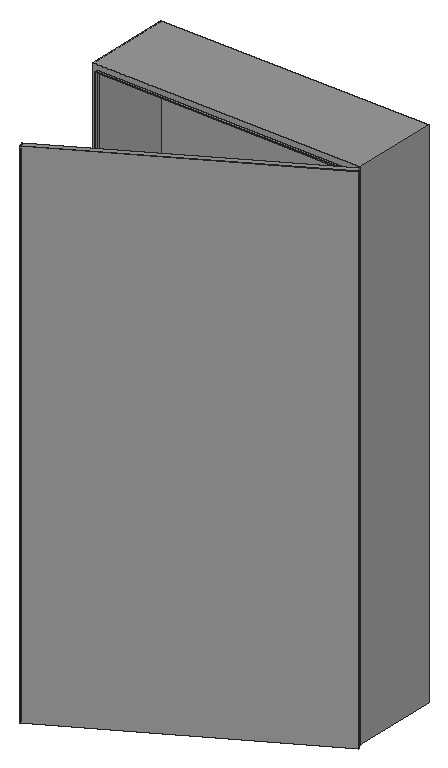
Revit family "Hager-Univers-IP55-D275-H1550-Cl.II-Steel_encl-NoHosted-CH-fr", category Electrical Equipment, Revit 2020
Family settings
  Panel Configuration = Two Columns, Circuits Across
  Round Connector Dimension = Use Diameter
  Part Type = Panelboard
  Work Plane-Based = Yes
  Always vertical = Yes
  Cut with Voids When Loaded = No
  Shared = No
  Room Calculation Point = No
Parameters (values of type "saillie IP55 L800 H1550 P275  - FR03S")
  Width Control [instance] = if([EF000008 - largeur] > Min Width, [EF000008 - largeur], Min Width)  # 800 mm
  Type Comments = [HG000003 - Gamme]  # "Univers"
  Thickness Door [instance] = if([EF009171 - épaisseur de matériau de la porte/du couvercle] > 3 mm, 3 mm, [EF009171 - épaisseur de matériau de la porte/du couvercle])  # 1.5 mm
  Seal Frame Offset [instance] = 17 mm  # constant formula
  Plinth Visibility [instance] = [HG000027 - Hauteur du socle] > 0 mm  # no
  Min Width [instance] = 100 mm  # constant formula
  Min Depth [instance] = (2 * [EF009170 - épaisseur de matériau du boîtier]) + 1 mm  # 4 mm
  Min Height [instance] = 100 mm  # constant formula
  Internal Frame Depth [instance] = (Door System Depth * 0.5)  # 9 mm
  Panel Name [instance] = ""  # (empty or 0)
  Model = ""
  HG000027 - Hauteur du socle = 0 mm
  HG000026 - Installation au sol = no
  HG000024 - Hauteur de la section basse = 600 mm
  HG000023 - Armoire double section = no
  HG000016 - Visibilité de la porte 3D [instance] = yes
  HG000015 - Visibilité de l'emprise de la porte [instance] = no
  HG000014 - Porte à droite [instance] = yes
  HG000013 - Porte à gauche [instance] = not([HG000014 - Porte à droite])  # no
  HG000012 - Angle de pivotement de la porte [instance] = 30.00°
  HG000010 - Portes asymétriques = no
  HG000009 - Porte à double battant = no
  HG000006 - Encastré = no
  HG000004 - Référence fabricant = "FR03S"
  HG000003 - Gamme = "Univers"
  HG000002 - avec porte = yes
  Frame Offset Bottom [instance] = 10 mm  # constant formula
  Frame Offset [instance] = 15 mm  # constant formula
  EF015940 - couvercle avec décharge de pression = no
  EF011959 - degré de protection (NEMA) = ""
  EF009554 - nombre d'ouvertures pour plaques à bride = 6
  EF009212 - finition du couvercle = "EV000116 - fermé"
  EF009171 - épaisseur de matériau de la porte/du couvercle = 1.5 mm
  EF009170 - épaisseur de matériau du boîtier = 1.5 mm
  EF008873 - courant nominal (In) = 800 A
  EF007800 - adapté à un parafoudre = no
  EF006306 - avec serrure = no
  EF006244 - couvercle/porte transparent(e) = no
  EF005474 - indice de protection (IP) = "EV006420 - IP55"
  EF004464 - type de porte = "EV002646 - unique"
  EF004427 - nombre de modules = 360
  EF004293 - indice de protection contre les chocs (IK) = "EV008784 - IK10"
  EF003532 - convient pour utilisation à l’extérieur = no
  EF002950 - largeur en nombre de modules = 24
  EF001613 - maintien de fonction = "EV000494 - sans"
  EF001596 - matériau du boîtier/corps = "EV000179 - acier"
  EF001131 - profondeur intérieure = 275 mm
  EF001088 - possibilité de montage en saillie = yes
  EF000437 - nombre d'entrées de conduit = 6
  EF000339 - type de capot = "EV004216 - porte"
  EF000266 - nombre de rangées = 10
  EF000218 - profondeur d'encastrement = 0 mm
  EF000118 - avec cadre/support de montage = no
  EF000116 - numéro RAL = "7035"
  EF000049 - profondeur = 275 mm
  EF000040 - hauteur = 1550 mm
  EF000008 - largeur = 800 mm
  EF000007 - couleur = "EV000270 - gris"
  EF000003 - mode de pose = "EV000384 - saillie"
  Door System Leaf Tolerance [instance] = 1.5 mm  # constant formula
  Door System Depth [instance] = 18 mm  # constant formula
  Door Height [instance] = Height Control - [HG000027 - Hauteur du socle]  # 1550 mm
  Description = ""
  Default Elevation = 1219.2 mm
  Connector Offset [instance] = Height Control / 2  # 775 mm
  Manufacturer = "Hager"  # constant formula
  Height Control [instance] = if([EF000040 - hauteur] > Min Height, [EF000040 - hauteur], Min Height)  # 1550 mm
  Depth Control [instance] = if([EF000049 - profondeur] > Min Depth, [EF000049 - profondeur], Min Depth)  # 275 mm
  Bottom Top Plate Trim [instance] = 1.5 mm  # constant formula
  Plinth height Ctrl [instance] = if([HG000027 - Hauteur du socle] > 0 mm, [HG000027 - Hauteur du socle], 12 mm)  # 12 mm
Types (5, lengths in mm): name | Width Control | HG000010 - Portes asymétriques | HG000009 - Porte à double battant | HG000004 - Référence fabricant | EF009554 - nombre d'ouvertures pour plaques à bride | EF004464 - type de porte | EF004427 - nombre de modules | EF000437 - nombre d'entrées de conduit | EF000008 - largeur
  saillie IP55 L1050 H1550 P275  - FR04S | 1050 | no | yes | "FR04S" | 8 | "EV003602 - double" | 480 | 8 | 1050
  saillie IP55 L1300 H1550 P275  - FR05S | 1300 | yes | yes | "FR05S" | 10 | "EV003602 - double" | 600 | 10 | 1300
  saillie IP55 L300 H1550 P275  - FR01S | 300 | no | no | "FR01S" | 2 | "EV002646 - unique" | 120 | 2 | 300
  saillie IP55 L550 H1550 P275  - FR02S | 550 | no | no | "FR02S" | 4 | "EV002646 - unique" | 240 | 4 | 550
  saillie IP55 L800 H1550 P275  - FR03S | 800 | no | no | "FR03S" | 6 | "EV002646 - unique" | 360 | 6 | 800
Reference planes
  plane 1 "Center (Front/Back)": y = 0
  plane 2: z = 0
  plane 3 "Center (Left/Right)": x = 0
  plane 4: y = 0
  plane 5: y = 0
  plane 6: z = 0
  plane 7: x = -400
  plane 8: x = 400
  plane 9: x = 398.5
  plane 10: x = -398.5
  plane 11: z = 0
  plane 12: z = 1.5
  plane 13: y = -275
  plane 14: y = -1.5
  plane 15: x = 0
  plane 16: y = -257
  plane 17: y = -273.5
  plane 18: y = -255.5
  plane 19: x = -383.5
  plane 20: x = 383.5
  plane 21: z = 11.5
  plane 22: x = -383
  plane 23: x = 383
  plane 24: z = 0
  plane 25: z = 1550
  plane 26: z = 1550
  plane 27: z = 1533.5
  plane 28: z = 1548.5
Forms (mm)
  Extrusion 1, solid, material "Hager_Steel_RAL7035_Light_Grey", detail levels medium+fine
    sketch origin (-208.679, -4572, 0) x (-1, 0, 0) y (0, -1, 0)
      loop
        line (191.321, -4315) -> (-608.679, -4315) -> (-608.679, -4572) -> (191.321, -4572) -> (191.321, -4315)
    from 0 to 1550
  Extrusion 2, void
    sketch origin (-350.771, -275, 1219.2) x (1, 0, 0) y (0, 0, 1)
      loop
        line (-47.729, 329.3) -> (-47.729, -1217.7) -> (749.271, -1217.7) -> (749.271, 329.3) -> (-47.729, 329.3)
    from -19.5 to -273.5
  Extrusion 3, void
    sketch origin (-290.084, -257, 1219.2) x (1, 0, 0) y (0, 0, 1)
      loop
        line (-93.416, -1207.7) -> (673.584, -1207.7) -> (673.584, 314.3) -> (-93.416, 314.3) -> (-93.416, -1207.7)
    from 0 to -1.5
  Extrusion 4, solid, material "Hager_Steel_RAL7035_Light_Grey", visible <- "Plinth Visibility", detail levels medium+fine
    sketch origin (0, 0, 0) x (1, 0, 0) y (0, 1, 0)
      loop
        line (-400, 0) -> (-400, -257) -> (400, -257) -> (400, 0) -> (-400, 0)
    from 0 to 12 <- "Plinth height Ctrl"
  Extrusion 5, solid, material "Hager_Steel_RAL7035_Light_Grey", detail levels coarse
    sketch origin (0, 0, 0) x (1, 0, 0) y (0, 1, 0)
      loop
        line (-400, 0) -> (-400, -275) -> (400, -275) -> (400, 0) -> (-400, 0)
    from 0 to 1550 <- "Height Control"
  Sweep 6, void
    path in 3D
      loop
        line (-400, -257, 12) -> (400, -257, 12) -> (400, 0, 12) -> (-400, 0, 12) -> (-400, -257, 12)
    profile origin (-400, -128.5, 12) x (1, 0, 0) y (0, 0, 1)
      loop
        line (0, 0) -> (0, -1.5) -> (1.5, -1.5)
        arc (1.5, -1.5) -> (1.061, -0.439) -> (0, 0) r 1.5
  Extrusion 7, solid, material "Hager_Steel_RAL7035_Light_Grey", detail levels fine
    sketch origin (-400, -257, 0) x (1, 0, 0) y (0, 0, 1)
      loop
        line (16.5, 11.5) -> (783.5, 11.5) -> (783.5, 1533.5) -> (16.5, 1533.5) -> (16.5, 11.5)
      loop
        line (15, 10) -> (785, 10) -> (785, 1535) -> (15, 1535) -> (15, 10)
    from 0 to 9 <- "Internal Frame Depth"
Cuts and joins
  Extrusion 2, Extrusion 3 cuts Extrusion 1
  Sweep 6 cuts Extrusion 4
Lines and regions (mm)
  Masking region 1
    outline origin (0, 0, 0) x (1, 0, 0) y (0, 1, 0)
      loop
        line (-400, 0) -> (-400, -275) -> (400, -275) -> (400, 0) -> (-400, 0)
  Masking region 2, detail levels coarse
    outline origin (-290.084, -257, 1219.2) x (-1, 0, 0) y (0, 0, 1)
      loop
        line (-690.084, -1219.2) -> (109.916, -1219.2) -> (109.916, 330.8) -> (-690.084, 330.8) -> (-690.084, -1219.2)
  Masking region 3, detail levels coarse
    outline origin (0, 0, 0) x (0, 1, 0) y (0, 0, 1)
      loop
        line (0, 0) -> (0, 1550) -> (-275, 1550) -> (-275, 0) -> (0, 0)
  Masking region 4, visible <- "Plinth Visibility", detail levels medium+fine
    outline origin (0, 0, 0) x (0, 1, 0) y (0, 0, 1)
      loop
        line (-1.5, 12) -> (-255.5, 12)
        arc (-255.5, 12) -> (-255.939, 10.939) -> (-257, 10.5) r 1.5
        line (-257, 10.5) -> (-257, 0) -> (0, 0) -> (0, 10.5)
        arc (0, 10.5) -> (-1.061, 10.939) -> (-1.5, 12) r 1.5
  Masking region 5, detail levels medium+fine
    outline origin (0, 0, 594.038) x (0, 1, 0) y (0, 0, 1)
      loop
        line (0, -594.038) -> (0, 955.962) -> (-257, 955.962) -> (-257, -594.038) -> (0, -594.038)
  Masking region 6, detail levels medium+fine
    outline origin (-359.7, -257, 1211.883) x (-1, 0, 0) y (0, 0, 1)
      loop
        line (-759.7, -1211.883) -> (40.3, -1211.883) -> (40.3, 338.117) -> (-759.7, 338.117) -> (-759.7, -1211.883)
  Masking region 7, visible <- "Plinth Visibility", detail levels medium+fine
    outline origin (-320.334, -257, 1041.368) x (-1, 0, 0) y (0, 0, 1)
      loop
        line (-720.334, -1041.368) -> (79.666, -1041.368) -> (79.666, -1030.868)
        arc (79.666, -1030.868) -> (78.606, -1030.429) -> (78.166, -1029.368) r 1.5
        line (78.166, -1029.368) -> (-718.834, -1029.368)
        arc (-718.834, -1029.368) -> (-719.273, -1030.429) -> (-720.334, -1030.868) r 1.5
        line (-720.334, -1030.868) -> (-720.334, -1041.368)
  sketch lines
    curve 1: line (-400, 0, 12) -> (-400, -257, 12)
    curve 2: line (-400, -257, 12) -> (400, -257, 12)
    curve 3: line (400, 0, 12) -> (-400, 0, 12)
    curve 4: line (400, -257, 12) -> (400, 0, 12)
Dimensions and locks
  locked: plane 1 "Center (Front/Back)" to plane 5
  "EF009170 - épaisseur de matériau du boîtier": plane 7 to plane 10
  "EF009170 - épaisseur de matériau du boîtier": plane 8 to plane 9
  equal spacing: plane 7, plane 3 "Center (Left/Right)", plane 8
  "Width Control": plane 7 to plane 8
  "Depth Control": plane 4 to plane 13
  "EF009170 - épaisseur de matériau du boîtier": plane 4 to plane 14
  "Height Control": plane 25 to level
  "HG000027 - Hauteur du socle": plane 11 to level
  "EF009170 - épaisseur de matériau du boîtier": plane 12 to plane 11
  "EF009170 - épaisseur de matériau du boîtier": plane 17 to plane 13
  "EF009170 - épaisseur de matériau du boîtier": plane 18 to plane 16
  "Frame Offset Bottom": plane 21 to plane 12
  "Frame Offset": plane 10 to plane 19
  "Frame Offset": plane 9 to plane 20
  "Door System Depth": plane 16 to plane 13
  "Seal Frame Offset": plane 7 to plane 22
  "Seal Frame Offset": plane 8 to plane 23
  "EF009170 - épaisseur de matériau du boîtier": plane 26 to plane 28
  "Frame Offset": plane 28 to plane 27
  "Connector Offset": plane 2 to connector elem
  "Bottom Top Plate Trim": profile plane to Sweep 6 sketch curve
  "Bottom Top Plate Trim": Sweep 6 sketch curve to Sweep 6 sketch curve
  "Plinth height Ctrl": Masking region 4 sketch curve to level
  "Plinth height Ctrl": Masking region 7 sketch curve to level
  "Thickness Door": Extrusion 7 sketch curve to Extrusion 7 sketch curve  (x4)
  "Bottom Top Plate Trim": radius of Sweep 6 sketch curve
  "Bottom Top Plate Trim": radius of Masking region 4 sketch curve  (x2)
  "Bottom Top Plate Trim": radius of Masking region 7 sketch curve  (x2)
  aligned and locked: Extrusion 2 sketch curve to plane 12
  aligned and locked: Extrusion 2 sketch curve to plane 9
  aligned and locked: Extrusion 2 sketch curve to plane 10
  aligned and locked: Extrusion 2 to plane 14
  aligned and locked: Extrusion 1 sketch curve to plane 4
  aligned and locked: plane 8 to Extrusion 1 sketch curve
  aligned and locked: plane 7 to Extrusion 1 sketch curve
  aligned and locked: Extrusion 2 to plane 18
  aligned and locked: Extrusion 3 sketch curve to plane 19
  aligned and locked: plane 20 to Extrusion 3 sketch curve
  aligned and locked: Extrusion 3 to Extrusion 2
  aligned and locked: Extrusion 3 sketch curve to plane 21
  aligned and locked: plane 3 "Center (Left/Right)" to nested 1
  aligned and locked: Extrusion 1 sketch curve to plane 16
  aligned and locked: Extrusion 4 sketch curve to cut or joined group of Extrusion 1, Extrusion 2, Extrusion 3
  aligned and locked: Masking region 1 sketch curve to plane 7
  aligned and locked: Masking region 1 sketch curve to plane 5
  aligned and locked: Masking region 1 sketch curve to plane 8
  aligned and locked: Masking region 2 sketch curve to level
  aligned and locked: level to Masking region 3 sketch curve
  aligned and locked: plane 1 "Center (Front/Back)" to Masking region 3 sketch curve
  aligned and locked: plane 13 to Masking region 3 sketch curve
  aligned and locked: plane 5 to Masking region 4 sketch curve
  aligned and locked: Masking region 2 sketch curve to plane 8
  aligned and locked: Masking region 2 sketch curve to plane 7
  aligned and locked: plane 7 to nested 2
  aligned and locked: nested 2 to plane 5
  aligned and locked: plane 5 to Masking region 5 sketch curve
  aligned and locked: plane 26 to Masking region 5 sketch curve
  aligned and locked: Extrusion 5 sketch curve to plane 8
  aligned and locked: Extrusion 5 sketch curve to plane 7
  aligned and locked: Extrusion 5 sketch curve to plane 5
  aligned and locked: Extrusion 3 sketch curve to plane 27
  aligned and locked: Extrusion 2 sketch curve to plane 28
  aligned and locked: Masking region 2 to plane 25
  aligned and locked: Extrusion 4 to plane 16
  aligned and locked: profile plane to Sweep 6 sketch curve
  aligned and locked: Masking region 5 sketch curve to plane 24
  aligned and locked: level to Masking region 4 sketch curve
  aligned and locked: Masking region 1 to plane 13
  aligned and locked: nested 1 to plane 16
  aligned and locked: Masking region 3 to plane 25
  aligned and locked: plane 16 to Masking region 4 sketch curve
  aligned and locked: Masking region 5 sketch curve to plane 16
  aligned and locked: plane 24 to plane 11
  aligned and locked: plane 26 to plane 25
  aligned and locked: plane 26 to cut or joined group of Extrusion 1, Extrusion 2, Extrusion 3
  aligned and locked: nested 1 to plane 24
  aligned and locked: Extrusion 1 to Extrusion 3
  aligned and locked: Masking region 6 sketch curve to plane 8
  aligned and locked: Masking region 6 sketch curve to plane 24
  aligned and locked: Masking region 6 sketch curve to plane 7
  aligned and locked: Masking region 6 sketch curve to plane 26
  aligned and locked: Masking region 7 sketch curve to plane 7
  aligned and locked: level to Masking region 7 sketch curve
  aligned and locked: Masking region 7 sketch curve to plane 8
  aligned and locked: Extrusion 7 sketch curve to cut or joined group of Extrusion 1, Extrusion 2, Extrusion 3  (x4)
Automatic sketch dimensions
  plane 19 to Extrusion 3 sketch curve = 0 mm
  Extrusion 3 sketch curve to plane 20 = 0 mm
  Extrusion 3 sketch curve to plane 21 = 0 mm
  Extrusion 4 sketch curve to plane 7 = 0 mm
  Extrusion 4 sketch curve to plane 8 = 0 mm
  Extrusion 4 sketch curve to plane 16 = 0 mm
  Masking region 1 sketch curve to plane 13 = 0 mm
  Masking region 2 sketch curve to plane 25 = 0 mm
  Masking region 3 sketch curve to plane 25 = 0 mm
  Extrusion 5 sketch curve to plane 13 = 0 mm
  profile plane to Sweep 6 sketch curve = 0 mm
Nested families
  nested 1: "EC000058_Univers_Door" at (0, -257, 0), Double <- "HG000009 - Porte à double battant", Transparent <- "EF006244 - couvercle/porte transparent(e)", Angle <- "HG000012 - Angle de pivotement de la porte", Door_Right <- "HG000014 - Porte à droite", Assymetrical <- "HG000010 - Portes asymétriques", Door <- "HG000002 - avec porte", Width_Ctrl <- "Width Control", 3d_Door <- "HG000016 - Visibilité de la porte 3D", Clearance <- "HG000015 - Visibilité de l'emprise de la porte", Door_Left <- "HG000013 - Porte à gauche", Width <- "Width Control", Door_Depth <- "Door System Depth", Leaf_Tolerance <- "Door System Leaf Tolerance", Height <- "Door Height", Lock_Visibility <- "EF006306 - avec serrure", Thickness <- "Thickness Door", type "EC000058_Univers_Door", detail levels medium+fine
    with min_wh 4 mm, Width_Ctrl 800 mm, Width 800 mm, Transparent no, Thickness 1.5 mm, Seal_Material Hager_Rubber, Lock_Visibility no, Lock_Material Hager_Plastic_RAL9005_Jet_Black, Leaf_Width 800 mm, Leaf_Tolerance_External_Sides 0 mm, Leaf_Tolerance 1.5 mm, Leaf_Offset 0 mm, Leaf_Height 1547 mm, Leaf_2_Width 800 mm, Leaf_2_Offset 400 mm, Leaf_1_Width 800 mm, Leaf_1_Offset 400 mm, Height_Ctrl 1550 mm, Height 1550 mm, Glass_Material Hager_Glass, Double_Clearance_Ctrl no, Double no, Door_Right_Ctrl yes, Door_Right yes, Door_Material Hager_Steel_RAL7035_Light_Grey, Door_Left_Ctrl no, Door_Left no, Door_Depth 18 mm, Door yes, Clearance_Material Hager_Clearance, Clearance_Depth 800 mm, Clearance_Ctrl no, Clearance no, Assymetrical no, Angle 30.00°, 3d_Door yes
  nested 2: "Hager_Enclosure_Symbol" at (-400, 0, 0), Height <- "Depth Control", Width <- "Width Control", type "Hager_Enclosure_Symbol"
    with Width_Ctrl 800 mm, Width 800 mm, Height_Ctrl 275 mm, Height 275 mm, A_Width_Int 18.047 mm, A_Width 216.562 mm, A_Height_Ctrl 240.625 mm, A_Height 240.625 mm
Connectors
  electrical at (0, 0, 775)
    settings: on plane 1 "Center (Front/Back)", index 1, voltage 0 V, apparent load 0 VA, apparent load phase1 0 VA, apparent load phase2 0 VA, apparent load phase3 0 VA, power factor 1, load classification "Other", number of poles 1, system type 30, power factor state 1, is connector primary yes, connector utility no, sub classification motor no, connector description ""
Definition of nested family "EC000058_Univers_Door"
  Parameters (values of type "EC000058_Univers_Door")
    min_wh [instance] = (2 * Thickness) + 1 mm  # 11 mm
    Width_Ctrl [instance] = 400 mm
    Width [instance] = 500 mm
    Transparent [instance] = yes
    Thickness [instance] = 5 mm
    Seal_Material [instance] = none
    Lock_Visibility [instance] = yes
    Lock_Material [instance] = none
    Leaf_Width [instance] = if((Width_Ctrl - 2 * Leaf_Tolerance_External_Sides) > 0 mm, (Width_Ctrl - 2 * Leaf_Tolerance_External_Sides), min_wh)  # 400 mm
    Leaf_Tolerance_External_Sides [instance] = 0 mm  # constant formula
    Leaf_Tolerance [instance] = 1.5 mm
    Leaf_Offset [instance] = 0 mm  # constant formula
    Leaf_Height [instance] = if((Height_Ctrl - 2 * Leaf_Tolerance) > 0 mm, (Height_Ctrl - 2 * Leaf_Tolerance), min_wh)  # 497 mm
    Leaf_2_Width [instance] = if(and(and(Double, Assymetrical), Door_Left), (Leaf_Width / 3) - (Leaf_Tolerance / 2), if(and(and(Double, Assymetrical), Door_Right), (Leaf_Width / 3) * 2 - (Leaf_Tolerance / 2), if(and(Double, not(Assymetrical)), (Leaf_Width / 2) - Leaf_Tolerance, Leaf_Width)))  # 400 mm
    Leaf_2_Offset [instance] = if(and(Double, Assymetrical), Leaf_2_Width / 2, if(and(Double, not(Assymetrical)), Leaf_Width / 4, Leaf_Width / 2))  # 200 mm
    Leaf_1_Width [instance] = if(and(and(Double, Assymetrical), Door_Right), (Leaf_Width / 3) - (Leaf_Tolerance / 2), if(and(and(Double, Assymetrical), Door_Left), (Width / 3) * 2 - (Leaf_Tolerance / 2), if(and(Double, not(Assymetrical)), (Leaf_Width / 2) - Leaf_Tolerance, Leaf_Width)))  # 400 mm
    Leaf_1_Offset [instance] = if(and(Double, Assymetrical), Leaf_1_Width / 2, if(and(Double, not(Assymetrical)), Leaf_Width / 4, Leaf_Width / 2))  # 200 mm
    Height_Ctrl [instance] = if(Height > min_wh, Height, min_wh)  # 500 mm
    Height [instance] = 500 mm
    Glass_Material [instance] = none
    Double_Clearance_Ctrl [instance] = and(Double, Clearance)  # no
    Double [instance] = no
    Door_Right_Ctrl [instance] = and(or(Door_Right, Double), Door)  # yes
    Door_Right [instance] = yes
    Door_Material [instance] = none
    Door_Left_Ctrl [instance] = and(or(Door_Left, Double), Door)  # no
    Door_Left [instance] = no
    Door_Depth [instance] = 30 mm
    Door [instance] = yes
    Default Elevation = 1219.2 mm
    Clearance_Material [instance] = none
    Clearance_Depth [instance] = if(Leaf_1_Width > Leaf_2_Width, Leaf_1_Width, Leaf_2_Width)  # 400 mm
    Clearance_Ctrl [instance] = and(not(Double), Clearance)  # yes
    Clearance [instance] = yes
    Assymetrical [instance] = yes
    Angle [instance] = 30.00°
    3d_Door [instance] = yes
  Reference planes
    plane 1 "Center (Front/Back)": y = 0
    plane 2 "Bottom": z = 0
    plane 3 "Center (Left/Right)": x = 0
    plane 4: z = 500
    plane 5: x = -200
    plane 6: x = 200
    plane 7: z = 500
    plane 8: x = -200
    plane 9: z = 0
    plane 10: x = 200
    plane 11: y = 0
    plane 12: z = 1.5
    plane 13: x = -600
    plane 14: y = -400
    plane 15: x = 600
    plane 16: x = 0
    plane 17: x = 0
    plane 18: x = -200
    plane 19: x = 200
    plane 20: z = 498.5
  Forms (mm)
    Extrusion 1, solid, material <- "Clearance_Material", visible <- "Double_Clearance_Ctrl"
      sketch origin (1200, 0, 0) x (1, 0, 0) y (0, 0, -1)
        loop
          line (-1800, -498.5) -> (-600, -498.5) -> (-600, 0) -> (-1800, 0) -> (-1800, -498.5)
      from 0 to -400
  Dimensions and locks
    equal spacing: plane 5, plane 3 "Center (Left/Right)", plane 6
    "Width_Ctrl": plane 5 to plane 6
    "Leaf_Offset": plane 5 to plane 8
    "Leaf_Offset": plane 6 to plane 10
    "Leaf_Offset": plane 9 to level
    "Leaf_Offset": plane 4 to plane 7
    "Height_Ctrl": plane 4 to level
    "Leaf_Tolerance": plane 12 to plane 9
    locked: plane 11 to plane 1 "Center (Front/Back)"
    "Leaf_1_Offset": plane 18 to plane 16
    "Leaf_2_Offset": plane 17 to plane 19
    "Leaf_1_Width": plane 13 to plane 8
    "Leaf_2_Width": plane 10 to plane 15
    "Clearance_Depth": plane 14 to plane 1 "Center (Front/Back)"
    "Leaf_Tolerance_External_Sides": plane 8 to plane 18
    "Leaf_Tolerance_External_Sides": plane 19 to plane 10
    "Leaf_Tolerance": plane 7 to plane 20
    aligned and locked: level to plane 2 "Bottom"
    aligned and locked: nested 1 to plane 16
    aligned and locked: nested 2 to plane 17
    aligned and locked: Extrusion 1 to plane 13
    aligned and locked: plane 15 to Extrusion 1
    aligned and locked: Extrusion 1 to plane 14
    aligned and locked: plane 12 to nested 1
    aligned and locked: nested 2 to plane 12
    aligned and locked: Extrusion 1 to plane 11
    aligned and locked: plane 20 to Extrusion 1
    aligned and locked: nested 2 to plane 11
    aligned and locked: nested 1 to plane 11
  Automatic sketch dimensions
    Extrusion 1 sketch curve to level = 0 mm
    plane 5 to Extrusion 1 sketch curve = 400 mm
    plane 6 to Extrusion 1 sketch curve = 400 mm
    Extrusion 1 sketch curve to plane 4 = 1.5 mm
  Nested families
    nested 1: "EC000058_Univers_Door_Leaf" at (0, 0, 1.5), Width <- "Leaf_1_Width", visible <- "Door_Left_Ctrl", Leaf_Height <- "Leaf_Height", Angle <- "Angle", 3d_Door <- "3d_Door", Transparent <- "Transparent", Clearance Material <- "Clearance_Material", Clearance <- "Clearance_Ctrl", Door_Material <- "Door_Material", Glass_Material <- "Glass_Material", Door_Depth <- "Door_Depth", Lock_Material <- "Lock_Material", Seal_Material <- "Seal_Material", Lock_Visibility <- "Lock_Visibility", Thickness <- "Thickness", type "EC000058_Univers_Door_Leaf"
      with Width 400 mm, Transparent_Glass_Offset 30 mm, Transparent_Ctrl yes, Transparent yes, Thickness 5 mm, Standard no, Seal_Material none, Seal_D2 8 mm, Seal_D1 1 mm, Offset_Internal_Frame 10 mm, Lock_Width 20 mm, Lock_Visibility_3d yes, Lock_Visibility yes, Lock_Thickness_3 3 mm, Lock_Thickness_2 1 mm, Lock_Thickness_1 3 mm, Lock_Radius_Offset_2 16 mm, Lock_Radius_Offset_1 15 mm, Lock_Radius_2 5 mm, Lock_Radius 6 mm, Lock_Offset 5 mm, Lock_Material none, Lock_Height 80 mm, Lock_Cover_Top_Offset_2d 17 mm, Lock_Cover_Height -65 mm, Leaf_Height 497 mm, Internal_Seal_Thickness 8 mm, Internal_Seal_Depth_2 4.5 mm, Internal_Frame_Depth 25 mm, Glass_Thickness -1 mm, Glass_Offset -2 mm, Glass_Material none, Door_Material none, Door_Depth 30 mm, Clearance Material none, Clearance yes, Angle_Ctrl 30.00°, Angle 30.00°, 3d_Door yes
    nested 2: "EC000058_Univers_Door_Leaf" at (0, 0, 1.5) x (-1, 0, 0) z (0, 0, 1), Width <- "Leaf_2_Width", visible <- "Door_Right_Ctrl", Leaf_Height <- "Leaf_Height", Angle <- "Angle", 3d_Door <- "3d_Door", Transparent <- "Transparent", Clearance Material <- "Clearance_Material", Clearance <- "Clearance_Ctrl", Door_Material <- "Door_Material", Glass_Material <- "Glass_Material", Door_Depth <- "Door_Depth", Lock_Material <- "Lock_Material", Seal_Material <- "Seal_Material", Lock_Visibility <- "Lock_Visibility", Thickness <- "Thickness", type "EC000058_Univers_Door_Leaf"
      with Width 400 mm, Transparent_Glass_Offset 30 mm, Transparent_Ctrl yes, Transparent yes, Thickness 5 mm, Standard no, Seal_Material none, Seal_D2 8 mm, Seal_D1 1 mm, Offset_Internal_Frame 10 mm, Lock_Width 20 mm, Lock_Visibility_3d yes, Lock_Visibility yes, Lock_Thickness_3 3 mm, Lock_Thickness_2 1 mm, Lock_Thickness_1 3 mm, Lock_Radius_Offset_2 16 mm, Lock_Radius_Offset_1 15 mm, Lock_Radius_2 5 mm, Lock_Radius 6 mm, Lock_Offset 5 mm, Lock_Material none, Lock_Height 80 mm, Lock_Cover_Top_Offset_2d 17 mm, Lock_Cover_Height -65 mm, Leaf_Height 497 mm, Internal_Seal_Thickness 8 mm, Internal_Seal_Depth_2 4.5 mm, Internal_Frame_Depth 25 mm, Glass_Thickness -1 mm, Glass_Offset -2 mm, Glass_Material none, Door_Material none, Door_Depth 30 mm, Clearance Material none, Clearance yes, Angle_Ctrl 30.00°, Angle 30.00°, 3d_Door yes
  Definition of nested family "EC000058_Univers_Door_Leaf"
    Parameters (values of type "EC000058_Univers_Door_Leaf")
      Width [instance] = 2000 mm
      Transparent_Glass_Offset [instance] = 30 mm
      Transparent_Ctrl [instance] = and(Transparent, [3d_Door])  # yes
      Transparent [instance] = yes
      Thickness [instance] = 5 mm
      Standard [instance] = and(not(Transparent), [3d_Door])  # no
      Seal_Material [instance] = none
      Seal_D2 [instance] = 8 mm  # constant formula
      Seal_D1 [instance] = 1 mm  # constant formula
      Offset_Internal_Frame [instance] = 10 mm  # constant formula
      Lock_Width [instance] = 20 mm  # constant formula
      Lock_Visibility_3d [instance] = and(Lock_Visibility, [3d_Door])  # yes
      Lock_Visibility [instance] = yes
      Lock_Thickness_3 [instance] = 3 mm  # constant formula
      Lock_Thickness_2 [instance] = 1 mm  # constant formula
      Lock_Thickness_1 [instance] = 3 mm  # constant formula
      Lock_Radius_Offset_2 [instance] = Lock_Radius_Offset_1 + 1 mm  # 16 mm
      Lock_Radius_Offset_1 [instance] = 15 mm  # constant formula
      Lock_Radius_2 [instance] = Lock_Radius - 1 mm  # 5 mm
      Lock_Radius [instance] = 6 mm  # constant formula
      Lock_Offset [instance] = 5 mm  # constant formula
      Lock_Material [instance] = none
      Lock_Height [instance] = 80 mm  # constant formula
      Lock_Cover_Top_Offset_2d [instance] = Lock_Radius_Offset_2 + 1 mm  # 17 mm
      Lock_Cover_Height [instance] = -(Lock_Height - Lock_Radius_Offset_1)  # -65 mm
      Leaf_Height [instance] = 2720.336 mm
      Internal_Seal_Thickness [instance] = 8 mm  # constant formula
      Internal_Seal_Depth_2 [instance] = 4.5 mm  # constant formula
      Internal_Frame_Depth [instance] = if(Door_Depth - Thickness > 5 mm, Door_Depth - Thickness, 5 mm)  # 25 mm
      Glass_Thickness [instance] = if(Thickness > 15 mm, Glass_Offset + 10 mm, -1 mm)  # -1 mm
      Glass_Offset [instance] = if(Thickness > 15 mm, -(Thickness + 10 mm) / 2, -2 mm)  # -2 mm
      Glass_Material [instance] = none
      Door_Material [instance] = none
      Door_Depth [instance] = 30 mm
      Default Elevation = 0 mm
      Clearance Material [instance] = none
      Clearance [instance] = yes
      Angle_Ctrl [instance] = if(Angle > 180.00°, 180.00°, Angle)  # 90.00°
      Angle [instance] = 90.00°
      3d_Door [instance] = yes
    Reference planes
      plane 1 "Center (Front/Back)": y = 0
      plane 2: z = 0
      plane 3 "Center (Left/Right)": x = 0
      plane 4: y = 2000
      plane 5: x = -1000
      plane 6: x = 1000
      plane 7: x = -3000
      plane 8: z = 2720.336
      plane 9: z = 30
      plane 10: z = 2690.336
      plane 11: x = 970
      plane 12: x = -970
      plane 13: y = -3
      plane 14: z = 107.833
      plane 15: y = -5
      plane 16: y = -223.314
      plane 17: x = -1000
      plane 18: z = 1360.168
      plane 19: y = 30
    Forms (mm)
      Extrusion 1, solid, material <- "Clearance Material", visible <- "Clearance"
        sketch origin (0, 0, 0) x (1, 0, 0) y (0, 0, 1)
          loop
            line (-3000, 2720.336) -> (-3000, 0) -> (1000, 0) -> (1000, 2720.336) -> (-3000, 2720.336)
        from 0 to -2000
      Extrusion 2, solid, material <- "Door_Material", visible <- "Standard", detail levels medium+fine
        sketch origin (-1000, 0, 0) x (0, 1, 0) y (-1, 0, 0)
          loop
            line (0, 30) -> (0, 25) -> (2000, 25) -> (2000, 30) -> (0, 30)
        from 0 to 2720.336 <- "Leaf_Height"
      Extrusion 3, solid, material <- "Door_Material", visible <- "Transparent_Ctrl", detail levels medium+fine
        sketch origin (-1000, 0, 0) x (0, 1, 0) y (-1, 0, 0)
          loop
            line (0, 25) -> (2000, 25) -> (2000, 30) -> (0, 30) -> (0, 25)
        from 0 to 2720.336 <- "Leaf_Height"
      Extrusion 4, void
        sketch origin (-1025, 2000, 0) x (0, 1, 0) y (0, 0, -1)
          loop
            line (-30, -2690.336) -> (-30, -30) -> (-1970, -30) -> (-1970, -2690.336) -> (-30, -2690.336)
        from 0 to 5 <- "Thickness"
      Sweep 5, solid, material <- "Seal_Material", visible <- "Transparent_Ctrl", detail levels fine
        path in 3D
          loop
            line (-1025, 30, 30) -> (-1025, 30, 2690.336) -> (-1025, 1970, 2690.336) -> (-1025, 1970, 30) -> (-1025, 30, 30)
        profile origin (-1025, 1000, 30) x (1, 0, 0) y (0, 0, 1)
          loop
            line (0, 0) -> (0, -8) -> (1, -8) -> (1, 0) -> (0, 0)
      Extrusion 6, solid, material <- "Glass_Material", visible <- "Transparent_Ctrl", detail levels medium+fine
        sketch origin (-1030, 0, 0) x (0, 1, 0) y (0, 0, -1)
          loop
            line (1970, -2690.336) -> (1970, -30) -> (30, -30) -> (30, -2690.336) -> (1970, -2690.336)
        from -2 <- "Glass_Offset" to -1 <- "Glass_Thickness"
      Extrusion 7, solid, material <- "Door_Material", visible <- "3d_Door", detail levels medium+fine
        sketch origin (-1025, 2000, 0) x (0, -1, 0) y (0, 0, -1)
          loop
            line (0, -2720.336) -> (2000, -2720.336) -> (2000, 0) -> (0, 0) -> (0, -2720.336)
          loop
            line (1995, -5) -> (5, -5) -> (5, -2715.336) -> (1995, -2715.336) -> (1995, -5)
        from 0 to 25 <- "Internal_Frame_Depth"
      Sweep 8, solid, material <- "Seal_Material", visible <- "Transparent_Ctrl", detail levels fine
        path in 3D
          loop
            line (-1025, 0, 0) -> (-1025, 2000, 0) -> (-1025, 2000, 2720.336) -> (-1025, 0, 2720.336) -> (-1025, 0, 0)
        profile origin (-1025, 0, 1360.168) x (1, 0, 0) y (0, 1, 0)
          loop
            line (0, 10) -> (2.975, 10)
            arc (2.975, 10) -> (4.053, 10.447) -> (4.5, 11.525) r 1.525
            line (4.5, 11.525) -> (4.5, 16.527)
            arc (4.5, 16.527) -> (4.069, 17.569) -> (3.027, 18) r 1.473
            line (3.027, 18) -> (0, 18) -> (0, 10)
      Extrusion 9, solid, material <- "Lock_Material", visible <- "Lock_Visibility_3d", detail levels fine
        sketch origin (-1030, 0, 0) x (0, 1, 0) y (0, 0, -1)
          loop
            arc (1993.5, -1400.168) -> (1994.561, -1399.729) -> (1995, -1398.668) r 1.5
            line (1995, -1398.668) -> (1995, -1320.168) -> (1975, -1320.168) -> (1975, -1398.668)
            arc (1975, -1398.668) -> (1975.439, -1399.729) -> (1976.5, -1400.168) r 1.5
            line (1976.5, -1400.168) -> (1993.5, -1400.168)
        from 3 <- "Lock_Thickness_1" to 0
      Blend 10, solid, material <- "Lock_Material", visible <- "Lock_Visibility_3d", detail levels fine
        base sketch origin (-1033, 0, 0) x (0, 1, 0) y (0, 0, -1)
          loop
            line (1975, -1320.168) -> (1975, -1398.668)
            arc (1975, -1398.668) -> (1975.439, -1399.729) -> (1976.5, -1400.168) r 1.5
            line (1976.5, -1400.168) -> (1993.5, -1400.168)
            arc (1993.5, -1400.168) -> (1994.561, -1399.729) -> (1995, -1398.668) r 1.5
            line (1995, -1398.668) -> (1995, -1320.168) -> (1975, -1320.168)
        top sketch origin (-1033, 0, 0) x (0, 1, 0) y (0, 0, -1)
          loop
            line (1976, -1320.168) -> (1976, -1398.668)
            arc (1976, -1398.668) -> (1976.146, -1399.022) -> (1976.5, -1399.168) r 0.5
            line (1976.5, -1399.168) -> (1993.5, -1399.168)
            arc (1993.5, -1399.168) -> (1993.854, -1399.022) -> (1994, -1398.668) r 0.5
            line (1994, -1398.668) -> (1994, -1320.168) -> (1976, -1320.168)
        from 0 to 1 <- "Lock_Thickness_2"
      Blend 11, solid, material <- "Lock_Material", visible <- "Lock_Visibility_3d", detail levels fine
        base sketch origin (-1034, 0, 0) x (0, 1, 0) y (0, 0, -1)
          loop
            line (1978, -1320.168) -> (1978, -1384.168)
            arc (1978, -1384.168) -> (1985, -1391.168) -> (1992, -1384.168) r 7
            line (1992, -1384.168) -> (1992, -1320.168) -> (1978, -1320.168)
        top sketch origin (-1034, 0, 0) x (0, 1, 0) y (0, 0, -1)
          loop
            line (1991, -1320.168) -> (1979, -1320.168) -> (1979, -1383.168)
            arc (1979, -1383.168) -> (1985, -1389.168) -> (1991, -1383.168) r 6
            line (1991, -1383.168) -> (1991, -1320.168)
        from 0 to 3 <- "Lock_Thickness_3"
      Extrusion 12, solid, material <- "Lock_Material", visible <- "Lock_Visibility_3d", detail levels fine
        sketch origin (-1030, 1975, 1320.168) x (1, 0, 0) y (0, -1, 0)
          loop
            line (-7, -19) -> (-7, -1) -> (0, -1) -> (0, 0) -> (-8, 0) -> (-8, -20) -> (0, -20) -> (0, -19) -> (-7, -19)
        from 0 to -65 <- "Lock_Cover_Height"
      Extrusion 13, void
        sketch origin (-1038, 1995, 1320.168) x (-1, 0, 0) y (0, 0, -1)
          loop
            line (-5, -65) -> (0, -65) -> (-5, -60) -> (-5, -65)
        from 0 to 20 <- "Lock_Width"
      Extrusion 14, void
        sketch origin (-1038, 1975, 1320.168) x (0, -1, 0) y (0, 0, -1)
          loop
            circle (-10, -15.995) r 6
          loop
            circle (-10, -15.995) r 5
        from 0 to 2
      Extrusion 15, solid, material <- "Lock_Material", visible <- "Lock_Visibility_3d", detail levels medium
        sketch origin (-1030, 0, 0) x (0, 1, 0) y (0, 0, -1)
          loop
            arc (1993.5, -1400.168) -> (1994.561, -1399.729) -> (1995, -1398.668) r 1.5
            line (1995, -1398.668) -> (1995, -1320.168) -> (1975, -1320.168) -> (1975, -1398.668)
            arc (1975, -1398.668) -> (1975.439, -1399.729) -> (1976.5, -1400.168) r 1.5
            line (1976.5, -1400.168) -> (1993.5, -1400.168)
        from 8 to 0
    Cuts and joins
      Extrusion 4 cuts Extrusion 3
      Extrusion 13, Extrusion 14 cuts Extrusion 9
      Extrusion 14 cuts Blend 11
      Extrusion 13, Extrusion 14 cuts Extrusion 12
      joined: Extrusion 9, Blend 10, Blend 11, Extrusion 12
      Extrusion 14 cuts Extrusion 15
    Lines and regions (mm)
      Masking region 1, visible <- "Lock_Visibility", detail levels fine
        outline origin (0, 0, 0) x (0, 1, 0) y (0, 0, 1)
          loop
            line (30, 1320.168) -> (33, 1320.168) -> (33, 1400.168) -> (30, 1400.168) -> (30, 1320.168)
      Masking region 2, visible <- "Lock_Visibility", detail levels fine
        outline origin (0, 3.143, 0) x (0, 1, 0) y (0, 0, 1)
          loop
            line (29.857, 1354.168) -> (30.857, 1354.168) -> (30.857, 1366.168) -> (29.857, 1366.168) -> (29.857, 1354.168)
      Masking region 3, detail levels medium+fine
        outline origin (0, 0, 0) x (0, 1, 0) y (0, 0, 1)
          loop
            line (0, 0) -> (30, 0) -> (30, 2720.336) -> (0, 2720.336) -> (0, 0)
      Masking region 4, detail levels medium+fine
        outline origin (0, 0, 0) x (1, 0, 0) y (0, 0, 1)
          loop
            line (-1000, 2720.336) -> (-1000, 0) -> (1000, 0) -> (1000, 2720.336) -> (-1000, 2720.336)
      Masking region 5, visible <- "Lock_Visibility", detail levels fine
        outline origin (-47.116, 0, 0) x (1, 0, 0) y (0, 0, 1)
          loop
            arc (1024.616, 1399.168) -> (1023.556, 1398.729) -> (1023.116, 1397.668) r 1.5
            line (1023.116, 1397.668) -> (1023.116, 1320.168) -> (1041.116, 1320.168) -> (1041.116, 1397.668)
            arc (1041.116, 1397.668) -> (1040.677, 1398.729) -> (1039.616, 1399.168) r 1.5
            line (1039.616, 1399.168) -> (1024.616, 1399.168)
      Masking region 6, visible <- "Lock_Visibility", detail levels medium+fine
        outline origin (-25, 0, 0) x (1, 0, 0) y (0, 0, 1)
          loop
            arc (1001.5, 1400.168) -> (1000.439, 1399.729) -> (1000, 1398.668) r 1.5
            line (1000, 1398.668) -> (1000, 1320.168) -> (1020, 1320.168) -> (1020, 1398.668)
            arc (1020, 1398.668) -> (1019.561, 1399.729) -> (1018.5, 1400.168) r 1.5
            line (1018.5, 1400.168) -> (1001.5, 1400.168)
      Masking region 7, visible <- "Lock_Visibility", detail levels fine
        outline origin (-73.735, 0, 0) x (1, 0, 0) y (0, 0, 1)
          loop
            line (1051.735, 1382.168) -> (1065.735, 1382.168) -> (1065.735, 1384.168)
            arc (1065.735, 1384.168) -> (1058.735, 1391.168) -> (1051.735, 1384.168) r 7
            line (1051.735, 1384.168) -> (1051.735, 1382.168)
      Masking region 8, visible <- "Lock_Visibility", detail levels fine
        outline origin (-73.735, 0, 0) x (1, 0, 0) y (0, 0, 1)
          loop
            line (1052.735, 1382.168) -> (1064.735, 1382.168) -> (1064.735, 1383.168)
            arc (1064.735, 1383.168) -> (1058.735, 1389.168) -> (1052.735, 1383.168) r 6
            line (1052.735, 1383.168) -> (1052.735, 1382.168)
      Masking region 9, visible <- "Lock_Visibility", detail levels fine
        outline origin (-25, 0, 0) x (1, 0, 0) y (0, 0, 1)
          loop
            line (1020, 1320.168) -> (1020, 1382.168) -> (1000, 1382.168) -> (1000, 1320.168) -> (1020, 1320.168)
      Masking region 10, detail levels medium+fine
        outline origin (0, 0, 0) x (1, 0, 0) y (0, 0, 1)
          loop
            circle (985, 1335.144) r 6
      Masking region 11, detail levels fine
        outline origin (0, 0, 0) x (1, 0, 0) y (0, 0, 1)
          loop
            circle (985, 1335.144) r 5
      Masking region 12, visible <- "Lock_Visibility", detail levels fine
        outline origin (0, 12.767, 0) x (0, 1, 0) y (0, 0, 1)
          loop
            line (20.233, 1320.168) -> (21.233, 1320.168) -> (21.233, 1399.168) -> (20.233, 1400.168) -> (20.233, 1320.168)
      Masking region 13, visible <- "Lock_Visibility", detail levels fine
        outline origin (0, 13.767, -10) x (0, 1, 0) y (0, 0, 1)
          loop
            line (20.233, 1330.168) -> (23.233, 1330.168) -> (23.233, 1399.168) -> (20.233, 1402.168) -> (20.233, 1330.168)
      Masking region 14, visible <- "Lock_Visibility", detail levels fine
        outline origin (0, 12.767, -10) x (0, 1, 0) y (0, 0, 1)
          loop
            line (20.233, 1330.168) -> (25.233, 1330.168) -> (25.233, 1399.305) -> (20.233, 1394.305) -> (20.233, 1330.168)
      Masking region 15, visible <- "Lock_Visibility", detail levels medium
        outline origin (0, 0, 0) x (0, 1, 0) y (0, 0, 1)
          loop
            line (30, 1320.168) -> (38, 1320.168) -> (38, 1400.168) -> (30, 1400.168) -> (30, 1320.168)
      Masking region 16, visible <- "Lock_Visibility", detail levels fine
        outline origin (-1000, 0, 0) x (0, 1, 0) y (-1, 0, 0)
          loop
            line (1975, 30) -> (1995, 30) -> (1995, 38) -> (1975, 38) -> (1975, 30)
          loop
            line (1979, 37) -> (1976, 37) -> (1976, 34) -> (1978, 34) -> (1979, 37)
          loop
            line (1994, 37) -> (1991, 37) -> (1992, 34) -> (1994, 34) -> (1994, 37)
      Masking region 17, visible <- "Lock_Visibility", detail levels medium
        outline origin (-1000, 0, 0) x (0, 1, 0) y (-1, 0, 0)
          loop
            line (1975, 30) -> (1995, 30) -> (1995, 38) -> (1975, 38) -> (1975, 30)
      symbolic lines
        curve 1: line (1000, 0, 0) -> (-3000, 0, 0)
        curve 2: arc (1000, 0, 0) -> (-1000, 2000, 0) -> (-3000, 0, 0) r 2000
        curve 4: line (-1030, 0, 0) -> (-1030, 2000, 0)
      reference lines
        curve 3: line (-1000, 0, 0) -> (-1000, 2000, 0)
      symbolic lines, detail levels medium+fine
        curve 5: line (-1030, 2000, 0) -> (-1025, 2000, 0)
        curve 7: line (-1025, 0, 0) -> (-1030, 0, 0)
        curve 8: line (-1025, 0, 0) -> (-1000, 0, 0)
        curve 9: line (-1000, 0, 0) -> (-1000, 2000, 0)
        curve 10: line (-1000, 2000, 0) -> (-1025, 2000, 0)
      symbolic lines, detail levels fine
        curve 6: line (-1025, 2000, 0) -> (-1025, 0, 0)
      sketch lines
        curve 11: line (-1025, 0, 2720.336) -> (-1025, 0, 0)
        curve 12: line (-1025, 2000, 0) -> (-1025, 0, 0)
        curve 13: line (-1025, 2000, 2720.336) -> (-1025, 2000, 0)
        curve 14: line (-1025, 0, 2720.336) -> (-1025, 2000, 2720.336)
        curve 15: line (-1025, 1970, 30) -> (-1025, 30, 30)
        curve 16: line (-1025, 30, 30) -> (-1025, 30, 2690.336)
        curve 17: line (-1025, 1970, 2690.336) -> (-1025, 1970, 30)
        curve 18: line (-1025, 30, 2690.336) -> (-1025, 1970, 2690.336)
      symbolic lines, visible <- "Transparent", detail levels medium+fine
        curve 19: line (-970, 0, 2690.336) -> (970, 0, 2690.336)
        curve 20: line (-970, 0, 30) -> (-970, 0, 2690.336)
        curve 21: line (970, 0, 30) -> (-970, 0, 30)
        curve 22: line (970, 0, 2690.336) -> (970, 0, 30)
    Dimensions and locks
      "Width": plane 1 "Center (Front/Back)" to plane 4
      equal spacing: plane 5, plane 3 "Center (Left/Right)", plane 6
      "Width": plane 5 to plane 6
      "Width": plane 7 to plane 5
      "Leaf_Height": plane 8 to level
      "Width": curve 5 to curve 3
      "Width": curve 3 to curve 3
      plane 8 to plane 10 = 30 mm
      plane 9 to level = 30 mm
      plane 12 to plane 5 = 30 mm
      plane 6 to plane 11 = 30 mm
      Extrusion 1 to Extrusion 4 sketch curve = 30 mm
      "Transparent_Glass_Offset": curve 3 to Extrusion 4 sketch curve
      "Transparent_Glass_Offset": Extrusion 4 sketch curve to cut or joined group of Extrusion 3, Extrusion 4  (x2)
      cut or joined group of Extrusion 3, Extrusion 4 to Extrusion 6 sketch curve = 30 mm
      "Transparent_Glass_Offset": cut or joined group of Extrusion 3, Extrusion 4 to Extrusion 4 sketch curve
      "Thickness": curve 6 to curve 4
      "Thickness": Extrusion 7 sketch curve to Extrusion 7 sketch curve  (x4)
      "Door_Depth": curve 4 to curve 3
      "Offset_Internal_Frame": profile plane to Sweep 8 sketch curve
      "Internal_Seal_Thickness": Sweep 8 sketch curve to Sweep 8 sketch curve
      "Internal_Seal_Depth_2": profile plane to Sweep 8 sketch curve
      "Seal_D1": profile plane to Sweep 5 sketch curve
      "Seal_D2": profile plane to Sweep 5 sketch curve
      "Thickness": Extrusion 2 sketch curve to Extrusion 2 sketch curve
      equal spacing: Extrusion 9 sketch curve, plane 18, Extrusion 9 sketch curve  (x2)
      equal spacing: Masking region 1 sketch curve, plane 18, Masking region 1 sketch curve
      "Lock_Height": Masking region 1 sketch curve to Masking region 1 sketch curve
      "Lock_Radius": Masking region 2 sketch curve to plane 18 to Masking region 2 sketch curve
      Masking region 2 sketch curve to Masking region 1 = 1 mm
      "Door_Depth": plane 19 to plane 1 "Center (Front/Back)"
      "Lock_Thickness_1": Masking region 1 sketch curve to plane 19
      "Lock_Width": Extrusion 9 sketch curve to Extrusion 9 sketch curve
      "Lock_Height": Extrusion 9 sketch curve to Extrusion 9 sketch curve
      "Lock_Offset": cut or joined group of Extrusion 3, Extrusion 4 to Extrusion 9 sketch curve
      equal spacing: plane 8, plane 18, level
      "Lock_Radius_Offset_1": Blend 11 sketch curve to Blend 10
      locked: Blend 10 to Blend 11 sketch curve at 2  (x2)
      locked: var sketch to Blend 11 sketch curve at 1  (x2)
      "Lock_Radius_Offset_2": Blend 11 sketch curve to Blend 10
      locked: Extrusion 12 sketch curve to Extrusion 12 sketch curve at 1  (x3)
      Masking region 6 sketch curve to Masking region 6 sketch curve = 80 mm
      "Lock_Height": Masking region 6 sketch curve to Masking region 6 sketch curve
      "Lock_Width": Masking region 6 sketch curve to Masking region 6 sketch curve
      locked: Masking region 6 to Masking region 5 sketch curve at 1  (x3)
      locked: Masking region 5 to Masking region 7 sketch curve at 2  (x2)
      "Lock_Radius_Offset_1": Masking region 5 to Masking region 7 sketch curve
      "Lock_Radius_Offset_2": Masking region 5 to Masking region 8 sketch curve
      locked: Masking region 7 to Masking region 8 sketch curve at 1  (x2)
      "Lock_Cover_Top_Offset_2d": Masking region 5 to Masking region 9 sketch curve
      equal spacing: Masking region 9, Masking region 10 sketch curve, Masking region 9
      equal spacing: Masking region 9, Masking region 11 sketch curve, Masking region 9
      Extrusion 15 sketch curve to Extrusion 15 sketch curve = 80 mm
      "Lock_Width": Extrusion 15 sketch curve to Extrusion 15 sketch curve
      "Lock_Height": Extrusion 15 sketch curve to Extrusion 15 sketch curve
      equal spacing: Extrusion 15 sketch curve, plane 18, Extrusion 15 sketch curve
      "Lock_Thickness_3": Masking region 13 sketch curve to Masking region 13 sketch curve
      "Lock_Height": Masking region 12 sketch curve to Masking region 12 sketch curve
      locked: Masking region 13 sketch curve to Masking region 1 at 8
      locked: Masking region 14 sketch curve to Masking region 13 at 1
      locked: Masking region 14 sketch curve to Masking region 1 at 10.863
      "Lock_Height": Masking region 15 sketch curve to Masking region 15 sketch curve
      "Lock_Offset": Extrusion 15 sketch curve to cut or joined group of Extrusion 3, Extrusion 4
      "Lock_Offset": plane 6 to Masking region 6 sketch curve
      radius of Sweep 8 sketch curve = 1.525 mm
      radius of Sweep 8 sketch curve = 1.473 mm
      radius of Extrusion 9 sketch curve = 1.5 mm  (x2)
      "Lock_Radius": radius of Extrusion 14 sketch curve
      "Lock_Radius_2": radius of Extrusion 14 sketch curve
      "Lock_Radius": radius of Masking region 10 sketch curve
      "Lock_Radius_2": radius of Masking region 11 sketch curve
      radius of Extrusion 15 sketch curve = 1.5 mm  (x2)
      "Angle_Ctrl": angle plane 1 "Center (Front/Back)" to curve 3
      locked: Masking region 12 sketch curve to Masking region 12 sketch curve (angle 45.00°)
      locked: Masking region 13 sketch curve to Masking region 13 sketch curve (angle 45.00°)
      locked: Masking region 14 sketch curve to Masking region 14 sketch curve (angle 45.00°)
      aligned and locked: level to plane 2
      aligned and locked: Extrusion 1 to curve 1
      aligned and locked: plane 6 to Extrusion 1
      aligned and locked: Extrusion 1 to plane 1 "Center (Front/Back)"
      aligned and locked: plane 4 to Extrusion 1
      aligned and locked: plane 8 to Extrusion 1
      aligned and locked: curve 7 to Extrusion 2 sketch curve
      aligned and locked: curve 5 to Extrusion 2 sketch curve
      aligned and locked: curve 7 to Extrusion 3 sketch curve
      aligned and locked: Extrusion 3 sketch curve to curve 4
      aligned and locked: Extrusion 3 sketch curve to curve 6
      aligned and locked: Extrusion 3 sketch curve to curve 5
      aligned and locked: curve 9 to curve 3
      aligned and locked: Extrusion 7 sketch curve to cut or joined group of Extrusion 3, Extrusion 4  (x4)
      aligned and locked: plane 17 to curve 3
      aligned and locked: plane 1 "Center (Front/Back)" to curve 3
      aligned and locked: plane 17 to plane 5
      aligned and locked: Sweep 8 sketch curve to profile plane
      aligned and locked: Sweep 5 sketch curve to profile plane  (x2)
      aligned and locked: Masking region 1 to Masking region 2 sketch curve
      aligned and locked: plane 19 to Masking region 1 sketch curve
      aligned and locked: plane 1 "Center (Front/Back)" to Masking region 3 sketch curve
      aligned and locked: plane 19 to Masking region 3 sketch curve
      aligned and locked: level to Masking region 3 sketch curve
      aligned and locked: Masking region 3 sketch curve to plane 8
      aligned and locked: plane 17 to Masking region 4 sketch curve
      aligned and locked: level to Masking region 4 sketch curve
      aligned and locked: Masking region 4 sketch curve to plane 8
      aligned and locked: plane 12 to curve 20
      aligned and locked: plane 10 to curve 19
      aligned and locked: plane 11 to curve 22
      aligned and locked: curve 21 to plane 9
      aligned and locked: Extrusion 2 sketch curve to cut or joined group of Extrusion 3, Extrusion 4
      aligned and locked: Blend 10 sketch curve to Extrusion 9  (x4)
      aligned and locked: Extrusion 9 to Blend 10 sketch curve
      aligned and locked: Blend 10 to Blend 11 sketch curve
      aligned and locked: Extrusion 12 sketch curve to Blend 11
      aligned and locked: Extrusion 12 sketch curve to Extrusion 9  (x4)
      aligned and locked: Masking region 5 sketch curve to Masking region 6
      aligned and locked: Masking region 9 sketch curve to Masking region 6  (x3)
      aligned and locked: Masking region 12 sketch curve to Masking region 1
      aligned and locked: Masking region 13 sketch curve to Masking region 1
      aligned and locked: Masking region 12 to Masking region 14
      aligned and locked: Masking region 14 sketch curve to Masking region 1
      aligned and locked: Masking region 15 sketch curve to Masking region 14
      aligned and locked: Masking region 13 sketch curve to Masking region 12
      aligned and locked: Masking region 16 sketch curve to cut or joined group of Extrusion 14, Extrusion 15  (x4)
      aligned and locked: Masking region 16 sketch curve to cut or joined group of Extrusion 9, Blend 10, Blend 11, Extrusion 12, Extrusion 13, Extrusion 14  (x6)
      aligned and locked: cut or joined group of Extrusion 9, Blend 10, Blend 11, Extrusion 12, Extrusion 13, Extrusion 14 to Masking region 16 sketch curve
      aligned and locked: Masking region 17 sketch curve to cut or joined group of Extrusion 14, Extrusion 15  (x3)
      aligned and locked: Masking region 17 sketch curve to cut or joined group of Extrusion 9, Blend 10, Blend 11, Extrusion 12, Extrusion 13, Extrusion 14
      aligned and locked: Masking region 9 to Masking region 8 sketch curve
      aligned and locked: Masking region 9 to Masking region 7 sketch curve
    Automatic sketch dimensions
      plane 1 "Center (Front/Back)" to curve 2 = 0 mm
      curve 2 to plane 5 = 0 mm
      Extrusion 1 sketch curve to level = 0 mm
      Extrusion 1 sketch curve to plane 7 = 0 mm
      Extrusion 1 sketch curve to plane 6 = 0 mm
      Extrusion 1 sketch curve to plane 8 = 0 mm
      Extrusion 3 to Extrusion 6 sketch curve = 30 mm  (x4)
      Masking region 4 sketch curve to plane 6 = 0 mm
      Blend 10 sketch curve to Extrusion 9 = 1.5 mm
      Blend 10 sketch curve to Extrusion 9 = 1 mm
      Extrusion 13 sketch curve to Extrusion 12 = 0 mm  (x2)
      Extrusion 12 to Extrusion 13 sketch curve = 3 mm
      Extrusion 13 sketch curve to Extrusion 12 = 5 mm
      Extrusion 14 sketch curve to Extrusion 14 sketch curve = 0 mm  (x2)
      Extrusion 14 sketch curve to Extrusion 12 = 10 mm
      Extrusion 14 sketch curve to Extrusion 12 = 15.995 mm
      Masking region 5 sketch curve to Masking region 5 sketch curve = 1.5 mm  (x2)
      Masking region 10 sketch curve to plane 18 = 25.024 mm
      Masking region 11 sketch curve to plane 18 = 25.024 mm
      plane 19 to Masking region 14 sketch curve = 3 mm
      Masking region 16 sketch curve to Masking region 16 sketch curve = 3 mm
      curve 4 to curve 3 = 0 mm
      Blend 10 to Blend 11 sketch curve = 0 mm
      Masking region 6 sketch curve to Masking region 6 sketch curve = 1.5 mm  (x2)
      Masking region 6 sketch curve to plane 18 = 40 mm
      plane 19 to Masking region 12 sketch curve = 3 mm
      Masking region 12 sketch curve to Masking region 12 sketch curve = 1 mm
      Masking region 15 sketch curve to plane 19 = 0 mm
      Masking region 15 sketch curve to plane 18 = 40 mm
      radius of Blend 10 sketch curve to Extrusion 9 = 1 mm
Definition of nested family "Hager_Enclosure_Symbol"
  Parameters (values of type "Hager_Enclosure_Symbol")
    Width_Ctrl [instance] = if(Width > 1 mm, Width, 1 mm)  # 102.27 mm
    Width [instance] = 102.27 mm
    Height_Ctrl [instance] = if(Height > 1 mm, Height, 1 mm)  # 66.5 mm
    A_Width_Int [instance] = if(A_Width / 12 > 2 mm, A_Width / 12, 2 mm)  # 4.364 mm
    A_Width [instance] = if(A_Height_Ctrl * 0.9 > 2 mm, A_Height_Ctrl * 0.9, 2 mm)  # 52.369 mm
    A_Height_Ctrl [instance] = if(A_Height > 2 mm, A_Height, 2 mm)  # 58.188 mm
    Height [instance] = 66.5 mm
    A_Height [instance] = Height - (Height / 8)  # 58.188 mm
  Reference planes
    plane 1 "Centre (avant/arrière)": y = 0
    plane 2: z = 0
    plane 3 "Centre (gauche/droite)": x = 0
    plane 4: x = 52.369
    plane 5: y = 33.042
    plane 6: y = 41.77
    plane 7: y = 66.5
    plane 8: x = 26.184
    plane 9: y = 37.406
    plane 10: x = 102.27
    plane 11: y = 66.5
    plane 12: y = 8.313
  Lines and regions (mm)
    Filled region 1, type "Solid_Black", in view "Niveau de réf."
      outline origin (0, 0, 0) x (1, 0, 0) y (0, 1, 0)
        loop
          line (52.369, 66.5) -> (33.188, 54.536) -> (45.365, 45.006) -> (52.369, 66.5)
    Filled region 2, type "Solid_Black", in view "Niveau de réf."
      outline origin (0, 0, 0) x (1, 0, 0) y (0, 1, 0)
        loop
          line (0, 0) -> (102.27, 0) -> (102.27, 66.5) -> (0, 0)
    detail lines, in view "Niveau de réf."
      curve 1: line (0, 8.313, 0) -> (26.184, 41.77, 0)
      curve 2: line (26.184, 41.77, 0) -> (26.184, 33.042, 0)
      curve 3: line (26.184, 33.042, 0) -> (52.369, 66.5, 0)
  Dimensions and locks
    "A_Width": plane 3 "Centre (gauche/droite)" to plane 4
    equal spacing: plane 3 "Centre (gauche/droite)", plane 8, plane 4
    equal spacing: plane 6, plane 9, plane 5
    equal spacing: curve 3, Filled region 1 sketch curve, Filled region 1 sketch curve
    "Height_Ctrl": plane 1 "Centre (avant/arrière)" to plane 11
    "A_Height_Ctrl": plane 11 to plane 12
    equal spacing: plane 11, plane 9, plane 12
    "A_Width_Int": plane 6 to plane 9
    "Width_Ctrl": plane 3 "Centre (gauche/droite)" to plane 10
    angle Filled region 1 sketch curve to curve 3 = 20.00°
    angle curve 3 to Filled region 1 sketch curve = 20.00°
    locked: curve 3 to Filled region 1 sketch curve (angle 90.00°)
    aligned and locked: plane 10 to Filled region 2
    aligned and locked: plane 11 to Filled region 2 sketch curve
    aligned and locked: plane 10 to Filled region 2 sketch curve
    aligned and locked: plane 3 "Centre (gauche/droite)" to curve 1
    aligned and locked: plane 12 to curve 1
    aligned and locked: plane 7 to plane 11
  Automatic sketch dimensions
    Filled region 1 sketch curve to plane 4 = 0 mm
    Filled region 1 sketch curve to plane 7 = 0 mm
    plane 1 "Centre (avant/arrière)" to Filled region 2 sketch curve = 0 mm
    Filled region 2 sketch curve to plane 3 "Centre (gauche/droite)" = 0 mm
    curve 2 to plane 6 = 0 mm
    curve 2 to plane 8 = 0 mm
    curve 3 to plane 4 = 0 mm
    curve 2 to plane 5 = 0 mm
    curve 3 to plane 7 = 0 mm
